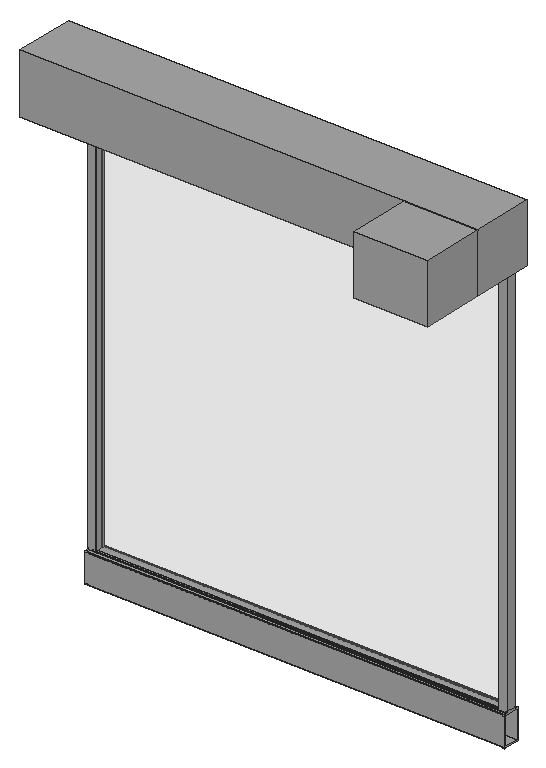
Revit family
Parameters (values of type "Motor Operated, Stainless Steel, 9" Vertical Spacing")
  Spec Wizard = "http://www.clopaydoor.com/Quick-Specs-Wizard.aspx"
  Sizing Disclaimer = "Openings from 5' to 24' wide and 4' to 20' high."  # constant formula
  Sales Information = "http://www.clopaydoor.com/where-to-buy.aspx?type=dealer&stype=commercial"
  Product Features and Benefits = "http://www.clopaydoor.com/sliding-applications.aspx"
  Motor = yes
  Manufacturer Website = "http://www.clopaydoor.com"
  Manufacturer Phone Number = "1-800-526-4301"  # constant formula
  Manufacturer Address = "1400 W. Market St., Troy, OH 45373"  # constant formula
  Function = (empty or 0)
  File Revision = "00 (Feb, 2011)"  # constant formula
  Drip Extension = 0' - 5"
  Curtain Rods 2" OC Standard = Stainless steel 9" Spacing (curtain only)
  CAD and Specifications = "http://www.clopaydoor.com/sliding-specs.aspx"
  Bottom Bar = Stainless steel(non-curtain components)
  Guides = Stainless steel(non-curtain components)
  Hood = Stainless steel(non-curtain components)
  Mounting = "Between Jambs"  # constant formula
  URL = "http://www.clopaydoor.com"
  Subcategory = "Roll Up"  # constant formula
  Shutter Width = Width + 2 * 0' 2 1/2" + 2 * 0' 0 15/32"  # 10' - 5 15/16"
  Shutter Height = Height - 0' 4 205/256"  # 9' - 7 51/256"
  Optional aluminum, color anodized finish = no
  Operator Height = 5' - 4"
  Operator = Operator : Motor Operator
  Operation = ""
  From Coil Side Operate on Right = yes
  From Coil Side Operate on Left = not(From Coil Side Operate on Right)  # no
  Curtain Spacing Vertical Chains 9" OC = yes
  Curtain Spacing Vertical Chains 6" OC = no
  Curtain Spacing Vertical Chains 3" OC = no
  Model = "CERG-IBC"  # constant formula
  Manufacturer = "Clopay Building Products Company"  # constant formula
  Height = 10' - 0"
  Wall Closure = (empty or 0)
  Width = 10' - 0"
  Description = "The security of a locked rolling grille that opens on alarm or power failure allowing safe escape."  # constant formula
  Construction Type = ""
  Assembly Code = "B2030410"
  95 CSI = "08330"  # constant formula
  Coil Dimension Note = "15” to 20” - Consult Clopay when dimensions are critical."  # constant formula
  Jamb Dimension Note = "5 1/2” to 6 1/2” wide. Consult Clopay when dimensions are critical"  # constant formula
  Wall Construction = "Self supporting tubes, Masonry, Steel or Wood"  # constant formula
  Listings = "ICC-ES Evaluated for access controlled egress per the IBC®, per ESR-1167"  # constant formula
  04 CSI = "08 33 00"  # constant formula
  Cost Note = "Based on size, materials selected. Consult Clopay."  # constant formula
Types (12): name | Curtain Rods 2" OC Standard | Bottom Bar | Guides | Hood | Curtain Spacing Vertical Chains 9" OC | Curtain Spacing Vertical Chains 6" OC | Curtain Spacing Vertical Chains 3" OC
  Motor Operated, Aluminium (Anodized Finish), 9" Vertical Spacing | Aluminum, anodized finish 9" Spacing (curtain only) | Aluminum, anodized finish(non-curtain components) | Aluminum, anodized finish(non-curtain components) | Aluminum, anodized finish(non-curtain components) | yes | no | no
  Motor Operated, Aluminium (Mill Finish), 9" Vertical Spacing | Aluminum, mill finish 9" Spacing (curtain only) | Aluminum, mill finish(non-curtain components) | Aluminum, mill finish(non-curtain components) | Aluminum, mill finish(non-curtain components) | yes | no | no
  Motor Operated, Galvanized Steel, 9" Vertical Spacing | Galvanized steel 9" Spacing (curtain only) | Galvanized steel curtain, galvanized or powder coated plain steel components(non-curtain components) | Galvanized steel curtain, galvanized or powder coated plain steel components(non-curtain components) | Galvanized steel curtain, galvanized or powder coated plain steel components(non-curtain components) | yes | no | no
  Motor Operated, Stainless Steel, 9" Vertical Spacing | Stainless steel 9" Spacing (curtain only) | Stainless steel(non-curtain components) | Stainless steel(non-curtain components) | Stainless steel(non-curtain components) | yes | no | no
  Motor Operated, Stainless Steel, 6" Vertical Spacing | Stainless steel 6" Spacing (curtain only) | Stainless steel(non-curtain components) | Stainless steel(non-curtain components) | Stainless steel(non-curtain components) | no | yes | no
  Motor Operated, Stainless Steel, 3" Vertical Spacing | Stainless steel 3" Spacing (curtain only) | Stainless steel(non-curtain components) | Stainless steel(non-curtain components) | Stainless steel(non-curtain components) | no | no | yes
  Motor Operated, Galvanized Steel, 6" Vertical Spacing | Galvanized steel 6" Spacing (curtain only) | Galvanized steel curtain, galvanized or powder coated plain steel components(non-curtain components) | Galvanized steel curtain, galvanized or powder coated plain steel components(non-curtain components) | Galvanized steel curtain, galvanized or powder coated plain steel components(non-curtain components) | no | yes | no
  Motor Operated, Galvanized Steel, 3" Vertical Spacing | Galvanized steel 3" Spacing (curtain only) | Galvanized steel curtain, galvanized or powder coated plain steel components(non-curtain components) | Galvanized steel curtain, galvanized or powder coated plain steel components(non-curtain components) | Galvanized steel curtain, galvanized or powder coated plain steel components(non-curtain components) | no | no | yes
  Motor Operated, Aluminium (Mill Finish), 6" Vertical Spacing | Aluminum, mill finish 6" Spacing (curtain only) | Aluminum, mill finish(non-curtain components) | Aluminum, mill finish(non-curtain components) | Aluminum, mill finish(non-curtain components) | no | yes | no
  Motor Operated, Aluminium (Mill Finish), 3" Vertical Spacing | Aluminum, mill finish 3" Spacing (curtain only) | Aluminum, mill finish(non-curtain components) | Aluminum, mill finish(non-curtain components) | Aluminum, mill finish(non-curtain components) | no | no | yes
  Motor Operated, Aluminium (Anodized Finish), 6" Vertical Spacing | Aluminum, anodized finish 6" Spacing (curtain only) | Aluminum, anodized finish(non-curtain components) | Aluminum, anodized finish(non-curtain components) | Aluminum, anodized finish(non-curtain components) | no | yes | no
  Motor Operated, Aluminium (Anodized Finish), 3" Vertical Spacing | Aluminum, anodized finish 3" Spacing (curtain only) | Aluminum, anodized finish(non-curtain components) | Aluminum, anodized finish(non-curtain components) | Aluminum, anodized finish(non-curtain components) | no | no | yes
Reference planes (in)
  plane 1 "Center (Front/Back)": y = 0
  plane 2 "Center (Left/Right)": x = 36
  plane 3 "Left": x = -24
  plane 4 "Right": x = 96
  plane 5 "Top": z = 120
  plane 6 "Wall Edge": y = -4.25
  plane 7: y = -4.25
  plane 8 "Top of Hood": z = 142
  plane 9: y = -17.875
  plane 10: z = 125
  plane 11: z = 4.39975
  plane 12: z = 4.39975
  plane 13: z = 6.41361
  plane 14: z = 10.41361
  plane 15: y = -6.125
  plane 16: x = -29.5
  plane 17: x = 101.5
  plane 18: x = -27
  plane 19: x = 99
  plane 20: z = 132
  plane 21: y = -21.75
  plane 22: y = -39.75
Forms (in)
  Sweep 1, solid, material "Stainless steel(non-curtain components)" <- "Guides"
    path origin (-95.55277, -4.25, 84) x (-1, 0, 0) y (0, 0, 1)
      loop
        line (-191.55277, -84) -> (-71.55277, -84)
    profile "Profile_BottomBar : Profile_BottomBar" origin (36, -4.25, 0) x (0, 0, 1) y (0, 1, 0)
      loop
        line (0.22633, 3.51599) -> (0.22633, -0.89867) -> (8.29148, -0.89867) -> (8.29148, 3.51599) -> (0.22633, 3.51599)
      loop
        line (0.15089, -1.125) -> (8.36692, -1.125)
        arc (8.36692, -1.125) -> (8.47362, -1.08081) -> (8.51781, -0.97411) r 0.15089
        line (8.51781, -0.97411) -> (8.51781, -0.1345)
        arc (8.51781, -0.1345) -> (8.562, -0.02781) -> (8.6687, 0.01639) r 0.15089
        line (8.6687, 0.01639) -> (8.82445, 0.01639)
        arc (8.82445, 0.01639) -> (8.93114, 0.06058) -> (8.97534, 0.16727) r 0.15089
        line (8.97534, 0.16727) -> (8.97534, 2.45005)
        arc (8.97534, 2.45005) -> (8.93114, 2.55674) -> (8.82445, 2.60093) r 0.15089
        line (8.82445, 2.60093) -> (8.6687, 2.60093)
        arc (8.6687, 2.60093) -> (8.562, 2.64513) -> (8.51781, 2.75182) r 0.15089
        line (8.51781, 2.75182) -> (8.51781, 3.59143)
        arc (8.51781, 3.59143) -> (8.47362, 3.69813) -> (8.36692, 3.74232) r 0.15089
        line (8.36692, 3.74232) -> (0.15089, 3.74232)
        arc (0.15089, 3.74232) -> (0.04419, 3.69813) -> (0, 3.59143) r 0.15089
        line (0, 3.59143) -> (0, -0.97411)
        arc (0, -0.97411) -> (0.04419, -1.08081) -> (0.15089, -1.125) r 0.15089
  Sweep 2, solid, material "Stainless steel(non-curtain components)" <- "Guides"
    path origin (-60, -4.25, 0) x (1, 0, 0) y (0, 0, 1)
      loop
        line (156, 120) -> (156, 8.29148)
    profile "Guide-Profile : Guide-Profile" origin (96, -4.25, 64.14574) x (1, 0, 0) y (0, -1, 0)
      loop
        line (-2.5, -0.0625) -> (-2.5, -1.5645) -> (-2.36, -1.5645) -> (-2.36, -1.3605) -> (-2.14, -1.3605) -> (-2.14, -1.5645) -> (-2, -1.5645) -> (-2, -1.3605) -> (-0.188, -1.3605) -> (-0.188, -2.3925) -> (-2, -2.3925) -> (-2, -2.1885) -> (-2.14, -2.1885) -> (-2.14, -2.3925) -> (-2.36, -2.3925) -> (-2.36, -2.1885) -> (-2.5, -2.1885) -> (-2.5, -2.4395) -> (-2.375, -2.5015) -> (0, -2.5015) -> (0, -2.24362) -> (0, -0.0005) -> (-2.375, -0.0005) -> (-2.5, -0.0625)
  Sweep 3, solid, material "Stainless steel(non-curtain components)" <- "Guides"
    path origin (-60, -4.25, 0) x (1, 0, 0) y (0, 0, 1)
      loop
        line (36, 120) -> (36, 8.29148)
    profile "Guide-Profile : Guide-Profile" origin (-24, -4.25, 64.14574) x (1, 0, 0) y (0, -1, 0)
      loop
        line (2.5, -0.0625) -> (2.375, -0.0005) -> (0, -0.0005) -> (0, -2.24362) -> (0, -2.5015) -> (2.375, -2.5015) -> (2.5, -2.4395) -> (2.5, -2.1885) -> (2.36, -2.1885) -> (2.36, -2.3925) -> (2.14, -2.3925) -> (2.14, -2.1885) -> (2, -2.1885) -> (2, -2.3925) -> (0.188, -2.3925) -> (0.188, -1.3605) -> (2, -1.3605) -> (2, -1.5645) -> (2.14, -1.5645) -> (2.14, -1.3605) -> (2.36, -1.3605) -> (2.36, -1.5645) -> (2.5, -1.5645) -> (2.5, -0.0625)
  Extrusion 4, solid, material "Stainless steel 9" Spacing (curtain only)" <- "Curtain Rods 2" OC Standard"
    sketch origin (-95.55277, -4.25, 84) x (-1, 0, 0) y (0, 0, 1)
      loop
        line (-73.55277, 36) -> (-189.55277, 36) -> (-189.55277, -75.70852) -> (-73.55277, -75.70852) -> (-73.55277, 36)
    from 1.5645 to 2.1885
Lines and regions (in)
  Opening 1
    outline origin (-90, -4.25, 0) x (1, 0, 0) y (0, 0, 1)
      loop
        line (66, 0) -> (186, 0) -> (186, 120) -> (66, 120) -> (66, 0)
Text (in)
  text "Exterior" at (-74.96733, 27.31104, 0), in view "Ref. Level"
  text "Interior" at (-74.96733, -25.14366, 0), in view "Ref. Level"
  text "Exterior" at (0, 40.15149, 123.01588), in view "Right"
  text "Interior" at (0, -64.39139, 123.01588), in view "Right"
  text "Interior" at (0, -63.63426, 123.00693), in view "Left"
  text "Exterior" at (0, 54.57065, 123.00693), in view "Left"
Dimensions and locks (in)
  equal spacing: plane 3 "Left", plane 2 "Center (Left/Right)", plane 4 "Right"
  "Height": level to plane 5 "Top"
  "Width": plane 3 "Left" to plane 4 "Right"
  locked: plane 7 to plane 6 "Wall Edge"
  "Drip Extension": plane 10 to plane 5 "Top"
  locked: plane 8 "Top of Hood" to plane 10 at 17
  locked: level to plane 11 at 4.39975
  locked: level to plane 12 at 4.39975
  locked: plane 6 "Wall Edge" to plane 9 at 13.625
  locked: plane 13 to level at 6.41361
  locked: level to plane 14 at 10.41361
  locked: plane 6 "Wall Edge" to plane 15 at 1.875
  locked: plane 16 to plane 3 "Left" at 5.5
  locked: plane 4 "Right" to plane 17 at 5.5
  locked: plane 16 to plane 18 at 2.5
  locked: plane 19 to plane 17 at 2.5
  plane 22 to plane 21 to plane 6 "Wall Edge" = 1' - 6", 1' - 5 1/2"
  plane 10 to plane 5 "Top" = 0' - 5"
  plane 8 "Top of Hood" to level = 11' - 10"
  aligned and locked: plane 3 "Left" to Opening 1 sketch curve
  aligned and locked: plane 5 "Top" to Opening 1 sketch curve  (x2)
  aligned and locked: Opening 1 sketch curve to plane 4 "Right"
  aligned and locked: Opening 1 sketch curve to level
  aligned and locked: plane 6 "Wall Edge" to host wall
  aligned and locked: nested 1 to plane 2 "Center (Left/Right)"
  aligned and locked: nested 1 to host wall
  aligned and locked: Sweep 1 sketch curve to level
  aligned and locked: plane 21 to nested 1
  aligned and locked: plane 22 to nested 1
  aligned and locked: nested 1 to plane 10
  aligned and locked: Sweep 3 sketch curve to plane 3 "Left"
  aligned and locked: Sweep 2 sketch curve to plane 4 "Right"
  aligned and locked: plane 4 "Right" to Sweep 1 sketch curve
  aligned and locked: plane 3 "Left" to Sweep 1 sketch curve
  aligned and locked: plane 5 "Top" to Extrusion 4 sketch curve
  aligned and locked: plane 5 "Top" to Sweep 2 sketch curve
  aligned and locked: plane 5 "Top" to Sweep 3 sketch curve
  aligned and locked: Sweep 2 sketch curve to Sweep 1
  aligned and locked: Extrusion 4 sketch curve to Sweep 1
  aligned and locked: Sweep 1 to Sweep 3 sketch curve
Automatic sketch dimensions
  plane 4 "Right" to Extrusion 4 sketch curve = 0' - 2"
  Extrusion 4 sketch curve to plane 3 "Left" = 0' - 2"
Nested families (in)
  nested 1: "Operator" at (36, -12.75, 37.50377), type <- "Operator", type "Motor Operator"
Definition of nested family "Operator"
  Parameters (values of type "Motor Operator")
    Width = 10' - 0"
    Roller Chamber = Aluminum, mill finish(non-curtain components)
    Right Motor Visible = not(Motor)  # no
    Right = yes
    Operator Height = Height / 1.5  # 5' - 4"
    Motor = yes
    Material = Aluminum, mill finish(non-curtain components)
    Line = no
    Left Motor Visible = not(Motor)  # no
    Left = no
    Height = 8' - 0"
    Default Elevation = 4' - 0"
    Bottom Bar = Aluminum, mill finish(non-curtain components)
    Assembly Code = ""
  Reference planes (in)
    plane 1 "Center (Front/Back)": y = 0
    plane 2: z = 0
    plane 3 "Center (Left/Right)": x = 0
    plane 4: x = -60
    plane 5: x = 60
    plane 6: z = 96
    plane 7: y = 8.5
    plane 8: z = 87.49623
    plane 9: x = -42.75
    plane 10: x = 42.75
    plane 11: y = -27.30859
    plane 12: y = -12
    plane 13: y = 6.625
    plane 14: x = -55.5
    plane 15: x = 55.5
    plane 16: x = -65.5
    plane 17: x = 65.5
    plane 18: y = -7
  Forms (in)
    Sweep 1, solid, material "Aluminum, mill finish(non-curtain components)" <- "Bottom Bar"
      path origin (-42.75, -180, 87.49623) x (0, -1, 0) y (1, 0, 0)
        loop
          line (-188.5, -22.75) -> (-188.5, 108.25)
      profile "Profile_Hood : Profile_Hood" origin (0, 8.5, 87.49623) x (0, 1, 0) y (0, 0, 1)
        loop
          line (0, 17) -> (-17.5, 17) -> (-17.5, 0) -> (0, 0) -> (0, 17)
    Sweep 2, solid, material "Aluminum, mill finish(non-curtain components)" <- "Bottom Bar"
      path origin (-42.75, -180, 87.49623) x (0, -1, 0) y (1, 0, 0)
        loop
          line (-188.5, -22.75) -> (-188.5, 108.25)
      profile "Profile_Hood : Profile_Hood" origin (0, 8.5, 87.49623) x (0, 1, 0) y (0, 0, 1)
        loop
          line (0, 17) -> (-17.5, 17) -> (-17.5, 0) -> (0, 0) -> (0, 17)
    Sweep 3, solid, material "Aluminum, mill finish(non-curtain components)" <- "Roller Chamber"
      path origin (-42.75, -180, 87.49623) x (0, -1, 0) y (1, 0, 0)
        loop
          line (-188.5, -22.75) -> (-188.5, 108.25)
      profile "Profile_Hood : Profile_Hood" origin (0, 8.5, 87.49623) x (0, 1, 0) y (0, 0, 1)
        loop
          line (0, 17) -> (-17.5, 17) -> (-17.5, 0) -> (0, 0) -> (0, 17)
  Lines and regions (in)
    symbolic lines, style "GenericModelHiddenLines"
      curve 1: line (-65.5, 8.5, 0) -> (-65.5, -7, 0)
      curve 3: line (65.5, -7, 0) -> (65.5, 8.5, 0)
    symbolic lines, style "GenericModelHiddenLines", visible <- "Line"
      curve 2: line (-65.5, -7, 0) -> (65.5, -7, 0)
    symbolic lines, style "GenericModelHiddenLines", visible <- "Left"
      curve 4: line (-44.5, -7, 0) -> (65.5, -7, 0)
    symbolic lines, style "GenericModelHiddenLines", visible <- "Right"
      curve 5: line (-65.5, -7, 0) -> (44.5, -7, 0)
    symbolic lines, style "GenericModelHiddenLines", visible <- "Right Motor Visible"
      curve 6: line (44.5, -7, 0) -> (65.5, -7, 0)
    symbolic lines, style "GenericModelHiddenLines", visible <- "Left Motor Visible"
      curve 7: line (-65.5, -7, 0) -> (-44.5, -7, 0)
  Dimensions and locks (in)
    equal spacing: plane 4, plane 3 "Center (Left/Right)", plane 5
    "Width": plane 4 to plane 5
    "Height": plane 6 to level
    locked: plane 7 to plane 1 "Center (Front/Back)" at 8.5
    locked: plane 6 to plane 8 at 8.50377
    locked: plane 7 to plane 11 at 35.80859
    locked: plane 7 to plane 13 at 1.875
    locked: plane 15 to plane 5 at 4.5
    locked: plane 4 to plane 14 at 4.5
    locked: plane 16 to plane 4 at 5.5
    locked: plane 17 to plane 5 at 5.5
    locked: plane 18 to plane 7 at 15.5
    aligned and locked: nested 2 to plane 6
    aligned and locked: Sweep 1 sketch curve to plane 7
    aligned and locked: nested 1 to Sweep 1
    aligned and locked: Sweep 2 sketch curve to plane 7
    aligned and locked: Sweep 3 sketch curve to plane 7
    aligned and locked: plane 6 to nested 1
    aligned and locked: plane 16 to Sweep 2 sketch curve
    aligned and locked: plane 17 to Sweep 2 sketch curve
    aligned and locked: plane 16 to Sweep 3 sketch curve
    aligned and locked: plane 17 to Sweep 3 sketch curve
    aligned and locked: plane 16 to Sweep 1 sketch curve
    aligned and locked: plane 17 to Sweep 1 sketch curve
    aligned and locked: plane 7 to curve 1
    aligned and locked: curve 3 to plane 7
    aligned and locked: plane 18 to curve 3
    aligned and locked: plane 18 to curve 4
    aligned and locked: nested 1 to curve 5
    aligned and locked: curve 5 to plane 18
    aligned and locked: nested 1 to curve 6
    aligned and locked: curve 5 to curve 6
    aligned and locked: nested 2 to Sweep 3
    aligned and locked: nested 1 to Sweep 2
    aligned and locked: nested 2 to curve 7
    aligned and locked: plane 16 to nested 2
    aligned and locked: curve 1 to plane 16
  Nested families (in)
    nested 1: "Pull-Down-Pole" at (71.375, -2, 32), visible <- "Right", type "Pull"
    nested 2: "Pull-Down-Pole" at (-71.375, -2, 32) x (-1, 0, 0) z (0, 0, 1), visible <- "Left", type "Pull 2"
  Definition of nested family "Pull-Down-Pole"
    Parameters (values of type "Pull 2")
      Motor = yes
      Material = Aluminum, mill finish(non-curtain components)
      Hood = Aluminum, mill finish(non-curtain components)
      Height = 5' - 4"
      Bottom Bar = Aluminum, mill finish(non-curtain components)
      Assembly Code = ""
    Types (2): name
      Pull 2
      Pull
    Reference planes (in)
      plane 1 "Center (Front/Back)": y = 0
      plane 2: z = 0
      plane 3 "Center (Left/Right)": x = 0
      plane 4: z = 64
      plane 5: y = -7
      plane 6: y = -25
      plane 7: x = -3.625
      plane 8: x = -5.875
      plane 9: x = -1.375
    Forms (in)
      Extrusion 1, solid, material "Aluminum, mill finish(non-curtain components)" <- "Material", visible <- "Motor"
        sketch origin (0, 0, 0) x (1, 0, 0) y (0, 0, 1)
          loop
            line (-26.875, 72.49609) -> (-26.875, 55.49609) -> (-5.875, 55.49609) -> (-5.875, 72.49609) -> (-26.875, 72.49609)
        from 7 to 25
      Extrusion 2, solid, material "Aluminum, mill finish(non-curtain components)" <- "Bottom Bar", not visible
        sketch origin (-9.625, -8.75, 56.81318) x (0, 0, 1) y (0, -1, 0)
          loop
            line (15.68682, -17.125) -> (15.68682, -1.75) -> (-1.31318, -1.75) -> (-1.31318, -17.125) -> (15.68682, -17.125)
        from 3.75 to 8.25
      Extrusion 3, solid, material "Aluminum, mill finish(non-curtain components)" <- "Bottom Bar", not visible
        sketch origin (-5.875, -5.3125, 56.81318) x (0, 0, -1) y (0, -1, 0)
          loop
            line (-15.68682, 1.6875) -> (-15.68682, -13.6875) -> (1.31318, -13.6875) -> (1.31318, 1.6875) -> (-15.68682, 1.6875)
        from -4.5 to 0
    Lines and regions (in)
      symbolic lines, style "GenericModelHiddenLines", visible <- "Motor"
        curve 1: line (-26.875, -25, 0) -> (-26.875, -7, 0)
        curve 2: line (-26.875, -25, 0) -> (-5.875, -25, 0)
        curve 3: line (-5.875, -25, 0) -> (-5.875, -7, 0)
    Dimensions and locks (in)
      "Height": plane 4 to level
      locked: plane 3 "Center (Left/Right)" to Extrusion 1 sketch curve at 5.875
      locked: Extrusion 1 sketch curve to Extrusion 1 sketch curve at 21
      locked: plane 4 to Extrusion 1 sketch curve at 8.50391
      locked: Extrusion 1 sketch curve to plane 4 at 8.49609
      locked: plane 1 "Center (Front/Back)" to plane 5 at 7
      plane 5 to plane 6 = 1' - 6"
      Extrusion 2 to plane 7 = 0' - 2 1/4"
      locked: plane 8 to plane 9 at 4.5
      equal spacing: plane 8, plane 7, plane 9
      plane 5 to plane 1 "Center (Front/Back)" = 0' - 7"
      plane 1 "Center (Front/Back)" to Extrusion 3 sketch curve = 0' - 8 3/8"
      Extrusion 2 to plane 4 = 0' - 8 1/2"
      aligned and locked: plane 5 to Extrusion 1
      aligned and locked: plane 6 to Extrusion 1
      aligned and locked: plane 4 to nested 1
      aligned and locked: plane 7 to nested 1
      aligned and locked: plane 1 "Center (Front/Back)" to nested 1
      aligned and locked: Extrusion 2 to Extrusion 3
      aligned and locked: Extrusion 3 to plane 9
      aligned and locked: Extrusion 2 to plane 9
      aligned and locked: plane 5 to curve 1
      aligned and locked: plane 6 to curve 1
      aligned and locked: plane 5 to curve 3
      aligned and locked: plane 6 to curve 3
      aligned and locked: Extrusion 1 to curve 2
      aligned and locked: curve 2 to Extrusion 1
    Automatic sketch dimensions
      Extrusion 3 sketch curve to Extrusion 2 = 0' - 0"  (x2)
      Extrusion 3 sketch curve to Extrusion 2 = 1' - 3 3/8"
      Extrusion 2 sketch curve to plane 5 = 0' - 0"
      Extrusion 2 sketch curve to plane 4 = 0' - 8 1/2"
      plane 4 to Extrusion 2 sketch curve = 0' - 8 1/2"
      Extrusion 2 sketch curve to Extrusion 2 sketch curve = 1' - 3 3/8"
    Nested families (in)
      nested 1: "Hand Crank" at (-3.625, 0, 0), type "Pull"
        with Crank Visibility no
    Definition of nested family "Hand Crank"
      Parameters (values of type "Pull 2")
        Pull Visibility = no
        Material = none
        Height = 5' - 4"
        Crank Visibility = yes
        Chain Visibility = no
        Assembly Code = ""
      Types (2): name
        Pull
        Pull 2
      Reference planes (in)
        plane 1 "Center (Front/Back)": y = 0
        plane 2: z = 0
        plane 3 "Center (Left/Right)": x = 0
        plane 4: z = 64
      Forms (in)
        Extrusion 1, solid, material <- "Material", visible <- "Crank Visibility"
          sketch origin (0.49219, 0, -9.71913) x (1, 0, 0) y (0, 1, 0)
            loop
              circle (-0.49219, 0) r 0.3635
          from 27.71913 to 73.71913
        Revolve 2, solid, material <- "Material", visible <- "Crank Visibility"
          sketch origin (0.48828, 0, 0) x (1, 0, 0) y (0, 0, 1)
            loop
              line (-0.00839, 16.40625) -> (-0.00839, 17.75)
              arc (-0.00839, 17.75) -> (0.0137, 17.75915) -> (0.02286, 17.78125) r 0.03125
              line (0.02286, 17.78125) -> (0.02286, 17.96875)
              arc (0.02286, 17.96875) -> (0.0137, 17.99085) -> (-0.00839, 18) r 0.03125
              line (-0.00839, 18) -> (-0.12478, 18) -> (-0.25839, 16.375) -> (-0.03964, 16.375)
              arc (-0.03964, 16.375) -> (-0.01755, 16.38415) -> (-0.00839, 16.40625) r 0.03125
            axis (-0.5, 16.375) -> (-0.5, 18)
          angle from 0 to 360
        Extrusion 3, solid, material <- "Material", visible <- "Crank Visibility"
          sketch origin (0.48828, 0, -9.71913) x (1, 0, 0) y (0, 1, 0)
            loop
              circle (-0.5, 0) r 0.24161
          from 24.71913 to 26.09413
        Revolve 4, solid, material <- "Material", visible <- "Crank Visibility"
          sketch origin (0.48828, 0, -33.71913) x (1, 0, 0) y (0, 0, 1)
            loop
              line (-0.10214, 48.71913) -> (-0.5, 48.71913) -> (-0.5, 44.28163) -> (-0.10214, 44.28163)
              arc (-0.10214, 44.28163) -> (-0.08321, 44.29598) -> (-0.06782, 44.31409) r 0.10929
              arc (-0.06782, 44.31409) -> (-0.0568, 44.33489) -> (-0.05048, 44.35756) r 0.10929
              arc (-0.05048, 44.35756) -> (-0.04908, 44.37899) -> (-0.05189, 44.40028) r 0.10929
              arc (-0.05189, 44.40028) -> (-0.06078, 44.4247) -> (-0.07518, 44.44633) r 0.10929
              arc (-0.07518, 44.44633) -> (-0.08774, 44.45883) -> (-0.10214, 44.46913) r 0.10929
              line (-0.10214, 44.46913) -> (-0.25839, 44.46913) -> (-0.25839, 44.53163) -> (-0.03964, 44.53163)
              arc (-0.03964, 44.53163) -> (0.02286, 46.50038) -> (-0.03964, 48.46913) r 31.03906
              line (-0.03964, 48.46913) -> (-0.25839, 48.46913) -> (-0.25839, 48.53163) -> (-0.10214, 48.53163)
              arc (-0.10214, 48.53163) -> (-0.089, 48.54117) -> (-0.07741, 48.55254) r 0.11027
              arc (-0.07741, 48.55254) -> (-0.06715, 48.5662) -> (-0.05913, 48.58129) r 0.11027
              arc (-0.05913, 48.58129) -> (-0.05268, 48.60089) -> (-0.05, 48.62136) r 0.11027
              arc (-0.05, 48.62136) -> (-0.05282, 48.65047) -> (-0.06319, 48.67782) r 0.11027
              arc (-0.06319, 48.67782) -> (-0.07996, 48.70102) -> (-0.10214, 48.71913) r 0.11027
            axis (-0.5, 44.28163) -> (-0.5, 48.71913)
          angle from 0 to 360
        Revolve 5, solid, material <- "Material", visible <- "Crank Visibility"
          sketch origin (0.48828, 0, 0) x (1, 0, 0) y (0, 0, 1)
            loop
              line (-7.10196, 4.6875) -> (-7.49981, 4.6875) -> (-7.49981, 0) -> (-7.28964, 0) -> (-7.25839, 0.03125) -> (-7.25839, 0.25) -> (-7.10196, 0.25)
              arc (-7.10196, 0.25) -> (-7.08302, 0.26435) -> (-7.06764, 0.28246) r 0.10929
              arc (-7.06764, 0.28246) -> (-7.05661, 0.30326) -> (-7.0503, 0.32593) r 0.10929
              arc (-7.0503, 0.32593) -> (-7.04889, 0.34736) -> (-7.05171, 0.36865) r 0.10929
              arc (-7.05171, 0.36865) -> (-7.0606, 0.39307) -> (-7.075, 0.4147) r 0.10929
              arc (-7.075, 0.4147) -> (-7.08755, 0.4272) -> (-7.10196, 0.4375) r 0.10929
              line (-7.10196, 0.4375) -> (-7.25821, 0.4375) -> (-7.25821, 0.5) -> (-7.03946, 0.5)
              arc (-7.03946, 0.5) -> (-6.97696, 2.46875) -> (-7.03946, 4.4375) r 31.03906
              line (-7.03946, 4.4375) -> (-7.25821, 4.4375) -> (-7.25821, 4.5) -> (-7.10196, 4.5)
              arc (-7.10196, 4.5) -> (-7.08882, 4.50954) -> (-7.07722, 4.52091) r 0.11027
              arc (-7.07722, 4.52091) -> (-7.06696, 4.53457) -> (-7.05894, 4.54966) r 0.11027
              arc (-7.05894, 4.54966) -> (-7.05249, 4.56926) -> (-7.04981, 4.58973) r 0.11027
              arc (-7.04981, 4.58973) -> (-7.05263, 4.61884) -> (-7.06301, 4.64619) r 0.11027
              arc (-7.06301, 4.64619) -> (-7.07978, 4.66939) -> (-7.10196, 4.6875) r 0.11027
            axis (-7.49981, 0) -> (-7.49981, 4.6875)
          angle from 0 to 360
        Sweep 6, solid, material <- "Material", visible <- "Crank Visibility"
          path origin (0.48828, 0, 0) x (1, 0, 0) y (0, 0, 1)
            loop
              arc (-7.49004, 4.6119) -> (-7.47789, 4.71547) -> (-7.45023, 4.816) r 0.6875
              arc (-7.45023, 4.816) -> (-7.43834, 4.84678) -> (-7.42499, 4.87696) r 0.6875
              arc (-7.42499, 4.87696) -> (-7.41762, 4.89212) -> (-7.40987, 4.9071) r 0.6875
              arc (-7.40987, 4.9071) -> (-7.38741, 4.94613) -> (-7.36243, 4.98361) r 0.6875
              arc (-7.36243, 4.98361) -> (-7.33964, 5.01371) -> (-7.31523, 5.04252) r 0.6875
              arc (-7.31523, 5.04252) -> (-7.29391, 5.06527) -> (-7.27158, 5.08702) r 0.6875
              line (-7.27158, 5.08702) -> (-0.63776, 10.21872)
              arc (-0.63776, 10.21872) -> (-0.61587, 10.24313) -> (-0.59517, 10.26856) r 0.6875
              arc (-0.59517, 10.26856) -> (-0.57706, 10.29302) -> (-0.56005, 10.31826) r 0.6875
              arc (-0.56005, 10.31826) -> (-0.54767, 10.33829) -> (-0.53598, 10.35873) r 0.6875
              arc (-0.53598, 10.35873) -> (-0.52266, 10.38421) -> (-0.51043, 10.41023) r 0.6875
              arc (-0.51043, 10.41023) -> (-0.49993, 10.43513) -> (-0.49042, 10.46042) r 0.6875
              arc (-0.49042, 10.46042) -> (-0.47982, 10.49292) -> (-0.47085, 10.5259) r 0.6875
              arc (-0.47085, 10.5259) -> (-0.46028, 10.57739) -> (-0.45368, 10.62953) r 0.6875
          profile origin (-3.46639, 0, 7.65287) x (-0.611862, 0, 0.790964) y (0, -1, 0)
            loop
              circle (0, 0) r 0.21875
      Dimensions and locks (in)
        "Height": plane 4 to level
        aligned and locked: plane 4 to Extrusion 1
      Automatic sketch dimensions
        plane 3 "Center (Left/Right)" to Extrusion 1 sketch curve = 0' - 0"
        Extrusion 1 sketch curve to plane 1 "Center (Front/Back)" = 0' - 0"
        Revolve 2 sketch curve to plane 3 "Center (Left/Right)" = 0' - 0 3/256"
        Revolve 2 sketch curve to Revolve 2 sketch curve = 0' - 0.24161"
        Revolve 2 sketch curve to Revolve 2 sketch curve = 0' - 0.37522"
        Revolve 2 sketch curve to Revolve 2 sketch curve = 0' - 0 7/32"
        Revolve 2 sketch curve to Revolve 2 sketch curve = 0' - 0.11639"
        Revolve 2 sketch curve to Revolve 2 sketch curve = 0' - 0"  (x2)
        Revolve 2 sketch curve to Revolve 2 sketch curve = 0' - 0 1/32"
        level to Revolve 2 sketch curve = 1' - 4 3/8"
        Revolve 2 sketch curve to Revolve 2 sketch curve = 0' - 1 11/32"
        Revolve 2 sketch curve to Revolve 2 sketch curve = 0' - 0 3/16"
        Revolve 2 sketch curve to Revolve 2 sketch curve = 0' - 0.55649"
        Extrusion 3 sketch curve to plane 3 "Center (Left/Right)" = 0' - 0 3/256"
        Extrusion 3 sketch curve to plane 1 "Center (Front/Back)" = 0' - 0"
        Revolve 4 sketch curve to Revolve 4 sketch curve = 0' - 0"  (x42)
        Revolve 4 sketch curve to plane 3 "Center (Left/Right)" = 2' - 6.52792"
        Revolve 4 sketch curve to plane 3 "Center (Left/Right)" = 0' - 0 3/256"
        Revolve 4 sketch curve to Revolve 4 sketch curve = 0' - 0.24161"  (x2)
        Revolve 4 sketch curve to Revolve 4 sketch curve = 0' - 0.0982"
        Revolve 4 sketch curve to Revolve 4 sketch curve = 0' - 0.10009"
        Revolve 4 sketch curve to Revolve 4 sketch curve = 0' - 0.05805"  (x2)
        Revolve 4 sketch curve to Revolve 4 sketch curve = 0' - 0.05616"  (x2)
        Revolve 4 sketch curve to Revolve 4 sketch curve = 0' - 0.02473"
        Revolve 4 sketch curve to Revolve 4 sketch curve = 0' - 0.02696"
        Revolve 4 sketch curve to Revolve 4 sketch curve = 0' - 0.03432"
        Revolve 4 sketch curve to Revolve 4 sketch curve = 0' - 0.03895"
        Revolve 4 sketch curve to Revolve 4 sketch curve = 0' - 0.01828"
        Revolve 4 sketch curve to Revolve 4 sketch curve = 0' - 0.02329"
        Revolve 4 sketch curve to Revolve 4 sketch curve = 0' - 0.00141"
        Revolve 4 sketch curve to Revolve 4 sketch curve = 0' - 0.00913"
        Revolve 4 sketch curve to Revolve 4 sketch curve = 0' - 0 1/16"  (x4)
        level to Revolve 4 sketch curve = 0' - 10 9/16"
        Revolve 4 sketch curve to Revolve 4 sketch curve = 0' - 0.03246"
        Revolve 4 sketch curve to Revolve 4 sketch curve = 0' - 0.36189"
        level to Revolve 4 sketch curve = 1' - 0 25/32"
        Revolve 4 sketch curve to Revolve 4 sketch curve = 0' - 0.02091"
        Revolve 5 sketch curve to Revolve 5 sketch curve = 0' - 0"  (x42)
        Revolve 5 sketch curve to plane 3 "Center (Left/Right)" = 3' - 1.52774"
        Revolve 5 sketch curve to plane 3 "Center (Left/Right)" = 0' - 7.01153"
        Revolve 5 sketch curve to Revolve 5 sketch curve = 0' - 0.21017"
        Revolve 5 sketch curve to Revolve 5 sketch curve = 0' - 0 1/32"  (x2)
        Revolve 5 sketch curve to Revolve 5 sketch curve = 0' - 0.24161"
        Revolve 5 sketch curve to Revolve 5 sketch curve = 0' - 0.00019"
        Revolve 5 sketch curve to Revolve 5 sketch curve = 0' - 0.0982"
        Revolve 5 sketch curve to Revolve 5 sketch curve = 0' - 0.10009"
        Revolve 5 sketch curve to Revolve 5 sketch curve = 0' - 0.05805"  (x2)
        Revolve 5 sketch curve to Revolve 5 sketch curve = 0' - 0.05616"  (x2)
        Revolve 5 sketch curve to Revolve 5 sketch curve = 0' - 0.02473"
        Revolve 5 sketch curve to Revolve 5 sketch curve = 0' - 0.02696"
        Revolve 5 sketch curve to Revolve 5 sketch curve = 0' - 0.03432"
        Revolve 5 sketch curve to Revolve 5 sketch curve = 0' - 0.03895"
        Revolve 5 sketch curve to Revolve 5 sketch curve = 0' - 0.01828"
        Revolve 5 sketch curve to Revolve 5 sketch curve = 0' - 0.02329"
        Revolve 5 sketch curve to Revolve 5 sketch curve = 0' - 0.00141"
        Revolve 5 sketch curve to Revolve 5 sketch curve = 0' - 0.00913"
        Revolve 5 sketch curve to Revolve 5 sketch curve = 0' - 0 1/16"  (x4)
        level to Revolve 5 sketch curve = 0' - 0"
        Revolve 5 sketch curve to Revolve 5 sketch curve = 0' - 0 7/32"
        Revolve 5 sketch curve to Revolve 5 sketch curve = 0' - 0.03246"
        Revolve 5 sketch curve to Revolve 5 sketch curve = 0' - 0.03008"
        level to Revolve 5 sketch curve = 0' - 2 15/32"
        Revolve 5 sketch curve to Revolve 5 sketch curve = 0' - 0.02091"
        Sweep 6 sketch curve to Sweep 6 sketch curve = 0' - 0"  (x72)
        Sweep 6 sketch curve to plane 3 "Center (Left/Right)" = 0' - 7.00176"
        Sweep 6 sketch curve to Sweep 6 sketch curve = 0' - 0.03981"
        Sweep 6 sketch curve to Sweep 6 sketch curve = 0' - 0.02523"
        Sweep 6 sketch curve to Sweep 6 sketch curve = 0' - 0.01512"
        Sweep 6 sketch curve to Sweep 6 sketch curve = 0' - 0.04744"
        Sweep 6 sketch curve to Sweep 6 sketch curve = 0' - 0.0472"
        Sweep 6 sketch curve to Sweep 6 sketch curve = 0' - 0.04365"
        Sweep 6 sketch curve to Sweep 6 sketch curve = 0' - 0.60676"
        Sweep 6 sketch curve to Sweep 6 sketch curve = 0' - 6.13304"
        Sweep 6 sketch curve to Sweep 6 sketch curve = 0' - 0.50078"
        Sweep 6 sketch curve to Sweep 6 sketch curve = 0' - 0.04259"
        Sweep 6 sketch curve to Sweep 6 sketch curve = 0' - 0.03512"
        Sweep 6 sketch curve to Sweep 6 sketch curve = 0' - 0.02407"
        Sweep 6 sketch curve to Sweep 6 sketch curve = 0' - 0.02555"
        Sweep 6 sketch curve to Sweep 6 sketch curve = 0' - 0.02001"
        Sweep 6 sketch curve to Sweep 6 sketch curve = 0' - 0.01957"
        Sweep 6 sketch curve to Sweep 6 sketch curve = 0' - 0.01717"
        level to Sweep 6 sketch curve = 0' - 4.58384"
        Sweep 6 sketch curve to Sweep 6 sketch curve = 0' - 0.02806"
        Sweep 6 sketch curve to Sweep 6 sketch curve = 0' - 5.63487"
        Sweep 6 sketch curve to Sweep 6 sketch curve = 0' - 0.04984"
        Sweep 6 sketch curve to profile plane = 0' - 0"  (x2)
        radius of Extrusion 1 sketch curve = 0' - 0.3635"
        radius of Extrusion 3 sketch curve = 0' - 0.24161"
        radius of Sweep 6 sketch curve = 0' - 0 7/32"
